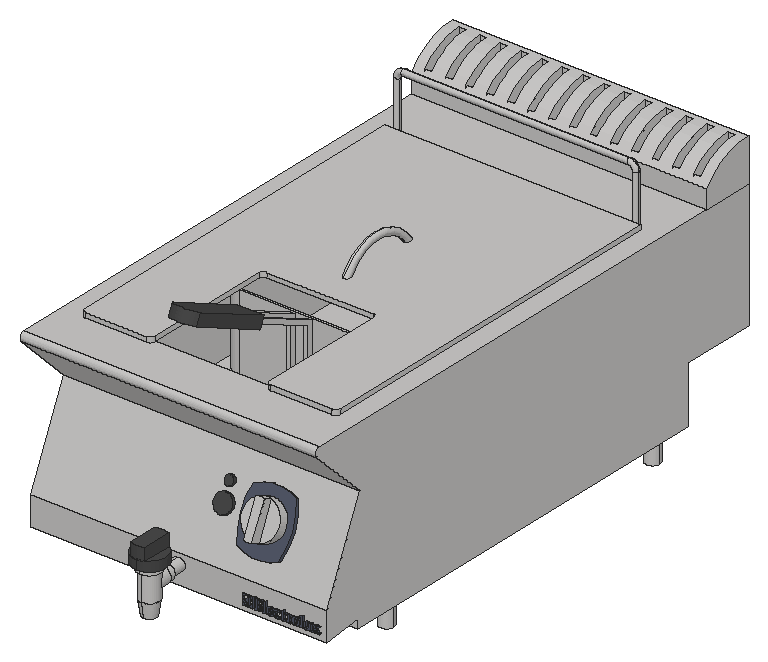
Revit family "QF_ELECTROLUXPROFESSIONAL_371075_E7FRED1B00", category Specialty Equipment, Revit 2018 (continued)
Automatic sketch dimensions
  Extrusion 31 sketch curve to Extrusion 31 sketch curve = 1.107 mm
  Extrusion 31 sketch curve to Extrusion 31 sketch curve = 2.122 mm
  Extrusion 31 sketch curve to Extrusion 31 sketch curve = 2.101 mm
  Extrusion 31 sketch curve to Extrusion 31 sketch curve = 0.106 mm
  Extrusion 31 sketch curve to Extrusion 31 sketch curve = 0.029 mm
  Extrusion 31 sketch curve to Extrusion 31 sketch curve = 2.09 mm
  Extrusion 31 sketch curve to Extrusion 31 sketch curve = 1.279 mm
  Extrusion 31 sketch curve to Extrusion 31 sketch curve = 2.008 mm
  Extrusion 31 sketch curve to Extrusion 31 sketch curve = 0.738 mm
  Extrusion 31 sketch curve to Extrusion 31 sketch curve = 0.382 mm
  Extrusion 31 sketch curve to Extrusion 31 sketch curve = 0.384 mm
  Extrusion 31 sketch curve to Extrusion 31 sketch curve = 0.002 mm
  Extrusion 31 sketch curve to Extrusion 31 sketch curve = 0.561 mm
  Extrusion 31 sketch curve to Extrusion 31 sketch curve = 0.592 mm
  Extrusion 31 sketch curve to Extrusion 31 sketch curve = 2.692 mm
  Extrusion 31 sketch curve to Extrusion 31 sketch curve = 1.259 mm
  Extrusion 31 sketch curve to Extrusion 31 sketch curve = 0.802 mm
  Extrusion 31 sketch curve to Extrusion 31 sketch curve = 1.024 mm  (x2)
  Extrusion 31 sketch curve to Extrusion 31 sketch curve = 0.682 mm
  Extrusion 31 sketch curve to Extrusion 31 sketch curve = 5.934 mm
  Extrusion 31 sketch curve to Extrusion 31 sketch curve = 2.186 mm
  Extrusion 31 sketch curve to Extrusion 31 sketch curve = 0.337 mm
  Extrusion 31 sketch curve to Extrusion 31 sketch curve = 0.021 mm
  Extrusion 31 sketch curve to Extrusion 31 sketch curve = 1.005 mm
  Extrusion 31 sketch curve to Extrusion 31 sketch curve = 0.552 mm
  Extrusion 31 sketch curve to Extrusion 31 sketch curve = 0.778 mm
  Extrusion 31 sketch curve to Extrusion 31 sketch curve = 0.063 mm
  Extrusion 31 sketch curve to Extrusion 31 sketch curve = 1.023 mm
  Extrusion 31 sketch curve to Extrusion 31 sketch curve = 3.804 mm
  Extrusion 31 sketch curve to Extrusion 31 sketch curve = 0.486 mm
  Extrusion 31 sketch curve to Extrusion 31 sketch curve = 0.266 mm
  Extrusion 31 sketch curve to Extrusion 31 sketch curve = 1.547 mm
  Extrusion 31 sketch curve to Extrusion 31 sketch curve = 0.717 mm  (x2)
  Extrusion 31 sketch curve to Extrusion 31 sketch curve = 1.667 mm
  Extrusion 31 sketch curve to Extrusion 31 sketch curve = 3.174 mm
  Extrusion 31 sketch curve to Extrusion 31 sketch curve = 0.388 mm
  Extrusion 31 sketch curve to Extrusion 31 sketch curve = 1.342 mm
  Extrusion 31 sketch curve to plane 4 "RIGHT" = 10.974 mm
  Extrusion 31 sketch curve to Extrusion 31 sketch curve = 1.521 mm
  Extrusion 31 sketch curve to plane 4 "RIGHT" = 9.415 mm
  Extrusion 31 sketch curve to Extrusion 31 sketch curve = 0.124 mm
  Extrusion 31 sketch curve to Extrusion 31 sketch curve = 0.291 mm
  Extrusion 31 sketch curve to Extrusion 31 sketch curve = 1.049 mm  (x2)
  Extrusion 31 sketch curve to Extrusion 31 sketch curve = 1.7 mm
  Extrusion 31 sketch curve to Extrusion 31 sketch curve = 0.894 mm
  Extrusion 31 sketch curve to Extrusion 31 sketch curve = 0.989 mm
  Extrusion 31 sketch curve to Extrusion 31 sketch curve = 1.168 mm
  Extrusion 31 sketch curve to Extrusion 31 sketch curve = 1.594 mm
  Extrusion 31 sketch curve to Extrusion 31 sketch curve = 0.731 mm
  Extrusion 31 sketch curve to Extrusion 31 sketch curve = 1.566 mm
  Extrusion 31 sketch curve to Extrusion 31 sketch curve = 0.064 mm
  Extrusion 31 sketch curve to Extrusion 31 sketch curve = 0.556 mm  (x2)
  Extrusion 31 sketch curve to Extrusion 31 sketch curve = 0.48 mm
  Extrusion 31 sketch curve to Extrusion 31 sketch curve = 1.018 mm
  Extrusion 31 sketch curve to Extrusion 31 sketch curve = 0.787 mm
  Extrusion 31 sketch curve to Extrusion 31 sketch curve = 0.618 mm
  Extrusion 31 sketch curve to Extrusion 31 sketch curve = 1.672 mm
  Extrusion 31 sketch curve to plane 4 "RIGHT" = 7.673 mm
  Extrusion 31 sketch curve to Extrusion 31 sketch curve = 1.361 mm
  Extrusion 31 sketch curve to Extrusion 31 sketch curve = 0.822 mm
  Extrusion 31 sketch curve to Extrusion 31 sketch curve = 0.069 mm
  Extrusion 31 sketch curve to Extrusion 31 sketch curve = 1.88 mm
  Extrusion 31 sketch curve to Extrusion 31 sketch curve = 0.42 mm
  Extrusion 31 sketch curve to Extrusion 31 sketch curve = 0.062 mm
  Extrusion 31 sketch curve to Extrusion 31 sketch curve = 1.355 mm
  Extrusion 31 sketch curve to Extrusion 31 sketch curve = 2.34 mm
  Extrusion 31 sketch curve to Extrusion 31 sketch curve = 0.493 mm
  Extrusion 31 sketch curve to Extrusion 31 sketch curve = 0.136 mm
  Extrusion 31 sketch curve to Extrusion 31 sketch curve = 0.128 mm
  Extrusion 31 sketch curve to Extrusion 31 sketch curve = 3.616 mm
  Extrusion 31 sketch curve to Extrusion 31 sketch curve = 4.207 mm
  Extrusion 31 sketch curve to Extrusion 31 sketch curve = 0.183 mm
  Extrusion 31 sketch curve to Extrusion 31 sketch curve = 0.895 mm
  Extrusion 31 sketch curve to Extrusion 31 sketch curve = 1.314 mm
  Extrusion 31 sketch curve to Extrusion 31 sketch curve = 3.231 mm
  Extrusion 31 sketch curve to Extrusion 31 sketch curve = 1.299 mm
  Extrusion 31 sketch curve to Extrusion 31 sketch curve = 1.214 mm
  Extrusion 31 sketch curve to Extrusion 31 sketch curve = 1.264 mm
  Extrusion 31 sketch curve to Extrusion 31 sketch curve = 0.109 mm
  Extrusion 31 sketch curve to Extrusion 31 sketch curve = 0.357 mm
  Extrusion 31 sketch curve to Extrusion 31 sketch curve = 0.565 mm
  Extrusion 31 sketch curve to Extrusion 31 sketch curve = 2.504 mm
  Extrusion 31 sketch curve to Extrusion 31 sketch curve = 2.459 mm
  Extrusion 31 sketch curve to Extrusion 31 sketch curve = 0.983 mm
  Extrusion 31 sketch curve to Extrusion 31 sketch curve = 0.422 mm  (x2)
  Extrusion 31 sketch curve to Extrusion 31 sketch curve = 0.494 mm
  Extrusion 31 sketch curve to Extrusion 31 sketch curve = 3.927 mm
  Extrusion 31 sketch curve to Extrusion 31 sketch curve = 0.782 mm
  Extrusion 31 sketch curve to Extrusion 31 sketch curve = 1.268 mm
  Extrusion 31 sketch curve to Extrusion 31 sketch curve = 0.671 mm
  Extrusion 31 sketch curve to Extrusion 31 sketch curve = 0.777 mm
  Extrusion 31 sketch curve to Extrusion 31 sketch curve = 0.704 mm
  Extrusion 31 sketch curve to Extrusion 31 sketch curve = 0.781 mm  (x2)
  Extrusion 31 sketch curve to Extrusion 31 sketch curve = 1.634 mm
  Extrusion 31 sketch curve to Extrusion 31 sketch curve = 0.132 mm
  Extrusion 31 sketch curve to Extrusion 31 sketch curve = 3.136 mm
  Extrusion 31 sketch curve to Extrusion 31 sketch curve = 2.422 mm
  Extrusion 31 sketch curve to Extrusion 31 sketch curve = 0.586 mm
  Extrusion 31 sketch curve to Extrusion 31 sketch curve = 2.046 mm  (x2)
  Extrusion 31 sketch curve to Extrusion 31 sketch curve = 1.241 mm
  Extrusion 31 sketch curve to Extrusion 31 sketch curve = 1.689 mm
  Extrusion 31 sketch curve to Extrusion 31 sketch curve = 2.859 mm
  Extrusion 31 sketch curve to Extrusion 31 sketch curve = 0.627 mm
  Extrusion 31 sketch curve to Extrusion 31 sketch curve = 0.863 mm
  Extrusion 31 sketch curve to Extrusion 31 sketch curve = 0.419 mm
  Extrusion 31 sketch curve to Extrusion 31 sketch curve = 1.514 mm
  Extrusion 31 sketch curve to Extrusion 31 sketch curve = 1.019 mm
  Extrusion 31 sketch curve to Extrusion 31 sketch curve = 0.065 mm
  Extrusion 31 sketch curve to Extrusion 31 sketch curve = 1.215 mm
  Extrusion 31 sketch curve to Extrusion 31 sketch curve = 2.708 mm
  Extrusion 31 sketch curve to Extrusion 31 sketch curve = 1.122 mm
  Extrusion 31 sketch curve to Extrusion 31 sketch curve = 1.153 mm
  Extrusion 31 sketch curve to Extrusion 31 sketch curve = 3.009 mm
  Extrusion 31 sketch curve to Extrusion 31 sketch curve = 0.829 mm  (x2)
  Extrusion 31 sketch curve to Extrusion 31 sketch curve = 0.934 mm
  Extrusion 31 sketch curve to Extrusion 31 sketch curve = 3.376 mm
  Extrusion 31 sketch curve to Extrusion 31 sketch curve = 0.222 mm
  Extrusion 31 sketch curve to Extrusion 31 sketch curve = 1.383 mm
  Extrusion 31 sketch curve to Extrusion 31 sketch curve = 1.556 mm
  Extrusion 31 sketch curve to Extrusion 31 sketch curve = 2.559 mm
  Extrusion 31 sketch curve to Extrusion 31 sketch curve = 2.51 mm
  Extrusion 31 sketch curve to Extrusion 31 sketch curve = 0.131 mm
  Extrusion 31 sketch curve to Extrusion 31 sketch curve = 1.717 mm
  Extrusion 31 sketch curve to Extrusion 31 sketch curve = 1.134 mm
  Extrusion 31 sketch curve to Extrusion 31 sketch curve = 0.366 mm
  Extrusion 31 sketch curve to Extrusion 31 sketch curve = 0.094 mm
  Extrusion 31 sketch curve to Extrusion 31 sketch curve = 1.584 mm
  Extrusion 31 sketch curve to Extrusion 31 sketch curve = 1.501 mm
  Extrusion 31 sketch curve to Extrusion 31 sketch curve = 0.27 mm
  Extrusion 31 sketch curve to Extrusion 31 sketch curve = 1.808 mm
  Extrusion 31 sketch curve to Extrusion 31 sketch curve = 0.643 mm
  Extrusion 31 sketch curve to Extrusion 31 sketch curve = 0.916 mm
  Extrusion 31 sketch curve to Extrusion 31 sketch curve = 0.352 mm
  Extrusion 31 sketch curve to Extrusion 31 sketch curve = 0.458 mm
  Extrusion 31 sketch curve to Extrusion 31 sketch curve = 1.282 mm
  Extrusion 31 sketch curve to Extrusion 31 sketch curve = 1.363 mm
  Extrusion 31 sketch curve to Extrusion 31 sketch curve = 0.685 mm
  Extrusion 31 sketch curve to Extrusion 31 sketch curve = 0.905 mm
  Extrusion 31 sketch curve to Extrusion 31 sketch curve = 2.865 mm
  Extrusion 31 sketch curve to Extrusion 31 sketch curve = 0.472 mm
  Extrusion 31 sketch curve to Extrusion 31 sketch curve = 0.101 mm
  Extrusion 31 sketch curve to Extrusion 31 sketch curve = 0.54 mm
  Extrusion 31 sketch curve to Extrusion 31 sketch curve = 0.02 mm
  Extrusion 31 sketch curve to Extrusion 31 sketch curve = 0.468 mm
  Extrusion 31 sketch curve to Extrusion 31 sketch curve = 0.582 mm
  Extrusion 31 sketch curve to Extrusion 31 sketch curve = 0.166 mm
  Extrusion 31 sketch curve to Extrusion 31 sketch curve = 0.16 mm
  Extrusion 31 sketch curve to Extrusion 31 sketch curve = 2.781 mm
  Extrusion 31 sketch curve to Extrusion 31 sketch curve = 1.118 mm
  Extrusion 31 sketch curve to Extrusion 31 sketch curve = 0.613 mm
  Extrusion 31 sketch curve to Extrusion 31 sketch curve = 0.361 mm
  Extrusion 31 sketch curve to Extrusion 31 sketch curve = 0.897 mm
  Extrusion 31 sketch curve to Extrusion 31 sketch curve = 0.167 mm
  Extrusion 31 sketch curve to Extrusion 31 sketch curve = 0.292 mm
  Extrusion 31 sketch curve to Extrusion 31 sketch curve = 0.305 mm
  Extrusion 31 sketch curve to Extrusion 31 sketch curve = 1.557 mm
  Extrusion 31 sketch curve to Extrusion 31 sketch curve = 2.499 mm
  Extrusion 31 sketch curve to Extrusion 31 sketch curve = 3.062 mm
  Extrusion 31 sketch curve to Extrusion 31 sketch curve = 2.968 mm
  Extrusion 31 sketch curve to Extrusion 31 sketch curve = 5.044 mm
  Extrusion 31 sketch curve to Extrusion 31 sketch curve = 0.629 mm  (x2)
  Extrusion 31 sketch curve to Extrusion 31 sketch curve = 1.131 mm
  Extrusion 31 sketch curve to Extrusion 31 sketch curve = 0.137 mm
  Extrusion 31 sketch curve to Extrusion 31 sketch curve = 0.027 mm
  Extrusion 31 sketch curve to Extrusion 31 sketch curve = 2.235 mm
  Extrusion 32 sketch curve to plane 4 "RIGHT" = 72.285 mm
  Extrusion 32 sketch curve to Extrusion 32 sketch curve = 0 mm
  Extrusion 32 sketch curve to Extrusion 32 sketch curve = 12.3 mm  (x3)
  Extrusion 32 sketch curve to Extrusion 32 sketch curve = 34.925 mm  (x2)
  Extrusion 32 sketch curve to Extrusion 32 sketch curve = 45.146 mm
  Extrusion 32 sketch curve to Extrusion 32 sketch curve = 0.044 mm
  Extrusion 32 sketch curve to Extrusion 32 sketch curve = 25.683 mm
  Extrusion 32 sketch curve to Extrusion 32 sketch curve = 28.575 mm
  Extrusion 34 sketch curve to Extrusion 34 sketch curve = 24.732 mm
  Extrusion 34 sketch curve to Extrusion 34 sketch curve = 0 mm
  plane 7 "Center Y" to Extrusion 35 sketch curve = 39.352 mm
  plane 7 "Center Y" to Extrusion 36 sketch curve = 39.352 mm
  radius of Sweep 5 sketch curve = 4.353 mm
  radius of Sweep 6 sketch curve = 3.827 mm
  radius of Extrusion 21 sketch curve = 9.525 mm  (x4)
  radius of Extrusion 24 sketch curve to Revolve 22 = 0 mm  (x2)
  radius of Extrusion 25 sketch curve = 12.7 mm
  radius of Extrusion 33 sketch curve = 25.4 mm
  radius of Extrusion 34 sketch curve to Extrusion 33 = 0 mm  (x2)
  radius of Extrusion 35 sketch curve = 6.35 mm
  radius of Extrusion 36 sketch curve = 12.7 mm
Connectors
  electrical at (336.5, -88.9, 59.306), driven by "Volts", driven by "Watts"
    settings: on Extrusion 25, index 1, voltage 400 V, apparent load 5400 VA, apparent load phase1 0 VA, apparent load phase2 0 VA, apparent load phase3 0 VA, power factor 1, load classification "Other", number of poles 1, system type 30, power factor state 1, is connector primary yes, connector utility no, sub classification motor no, connector description "Electrical Connection"
